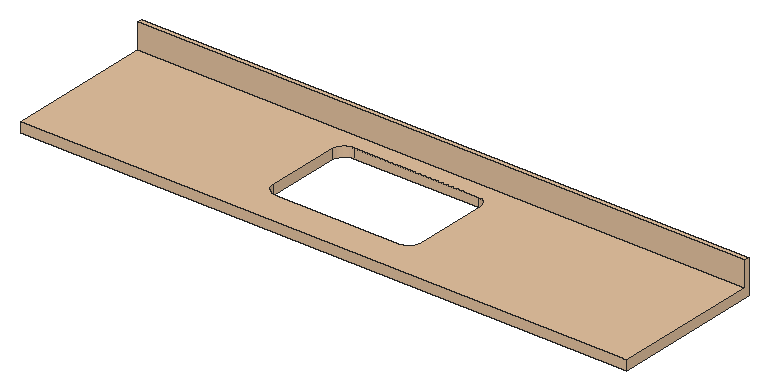
Revit family "M_有水槽孔的流理台面", category 櫥櫃, Revit 2014
Parameters (values of type "600mm 深")
  流理台厚度 = 40 mm
  流理台面材質 = none
  深度 = 625 mm
  高度 = 900 mm
  長度 [instance] = 2500 mm
  水槽位置 [instance] = 1200 mm
  水槽距牆的位置 [instance] = 100 mm
  水槽開口深度 [instance] = 378 mm
  水槽開口寬度 [instance] = 587 mm
Reference planes
  plane 1 "後": y = 0
  plane 2: z = 0
  plane 3 "左": x = -1200.462
  plane 4 "右": x = 1299.538
  plane 5 "前": y = -625
  plane 6 "頂部": z = 900
  plane 7 "櫥櫃頂部": z = 860
  plane 8: y = -19.05
  plane 9: z = 1001.6
  plane 10: x = -0.462
  plane 11: y = -100
  plane 12: x = 293.038
  plane 13: y = -478
  plane 14: x = -293.962
  plane 15: y = -87.3
  plane 16: x = 305.738
  plane 17: y = -490.7
  plane 18: x = -306.662
Forms (mm)
  Extrusion 1, solid, material <- "流理台面材質"
    sketch origin (0, 0, 0) x (1, 0, 0) y (0, 1, 0)
      loop
        line (-1200.462, 0) -> (-1200.462, -625) -> (1299.538, -625) -> (1299.538, 0) -> (-1200.462, 0)
    from 860 to 900
  Extrusion 2, solid, material <- "流理台面材質"
    sketch origin (0, 0, 0) x (1, 0, 0) y (0, 1, 0)
      loop
        line (1299.538, 0) -> (-1200.462, 0) -> (-1200.462, -19.05) -> (1299.538, -19.05) -> (1299.538, 0)
    from 900 to 1001.6
  Extrusion 3, void
    sketch origin (0, 0, 0) x (1, 0, 0) y (0, 1, 0)
      loop
        arc (-255.862, -87.3) -> (-291.783, -102.179) -> (-306.662, -138.1) r 50.8
        line (-306.662, -138.1) -> (-306.662, -439.9)
        arc (-306.662, -439.9) -> (-291.783, -475.821) -> (-255.862, -490.7) r 50.8
        line (-255.862, -490.7) -> (254.938, -490.7)
        arc (254.938, -490.7) -> (290.859, -475.821) -> (305.738, -439.9) r 50.8
        line (305.738, -439.9) -> (305.738, -138.1)
        arc (305.738, -138.1) -> (290.859, -102.179) -> (254.938, -87.3) r 50.8
        line (254.938, -87.3) -> (-255.862, -87.3)
    from 860 to 900
Cuts and joins
  Extrusion 3 cuts Extrusion 1
  Extrusion 3 cuts Extrusion 2
  joined: Extrusion 1, Extrusion 2
Lines and regions (mm)
  Masking region 1
    outline origin (0, 0, 860) x (0, -1, 0) y (1, 0, 0)
      loop
        line (0, -1200.462) -> (625, -1200.462) -> (625, 1299.538) -> (0, 1299.538) -> (0, -1200.462)
  symbolic lines, style "流理台面"
    curve 1: line (-1200.462, -19.05, 860) -> (1299.538, -19.05, 860)
  symbolic lines, style "水槽開口"
    curve 2: line (-243.162, -100, 860) -> (242.238, -100, 860)
    curve 3: line (-293.962, -427.2, 860) -> (-293.962, -150.8, 860)
    curve 4: line (242.238, -478, 860) -> (-243.162, -478, 860)
    curve 5: line (293.038, -150.8, 860) -> (293.038, -427.2, 860)
    curve 6: arc (-293.962, -150.8, 860) -> (-279.083, -114.879, 860) -> (-243.162, -100, 860) r 50.8
    curve 7: arc (242.238, -100, 860) -> (278.159, -114.879, 860) -> (293.038, -150.8, 860) r 50.8
    curve 8: arc (293.038, -427.2, 860) -> (278.159, -463.121, 860) -> (242.238, -478, 860) r 50.8
    curve 9: arc (-243.162, -478, 860) -> (-279.083, -463.121, 860) -> (-293.962, -427.2, 860) r 50.8
Dimensions and locks
  "深度": plane 5 "前" to plane 1 "後"
  "長度": plane 3 "左" to plane 4 "右"
  "高度": level to plane 6 "頂部"
  "流理台厚度": plane 7 "櫥櫃頂部" to plane 6 "頂部"
  locked: plane 8 to plane 1 "後" at 19.05
  plane 6 "頂部" to plane 9 = 101.6 mm
  "水槽開口寬度": plane 14 to plane 12
  "水槽開口深度": plane 13 to plane 11
  "水槽位置": plane 3 "左" to plane 10
  equal spacing: plane 14, plane 10, plane 12
  "水槽距牆的位置": plane 11 to plane 1 "後"
  locked: plane 11 to plane 15 at 12.7
  locked: plane 17 to plane 13 at 12.7
  locked: plane 18 to plane 14 at 12.7
  locked: plane 12 to plane 16 at 12.7
  aligned and locked: plane 1 "後" to Extrusion 1 sketch curve
  aligned and locked: plane 4 "右" to Extrusion 1 sketch curve
  aligned and locked: Extrusion 1 sketch curve to plane 5 "前"
  aligned and locked: Extrusion 1 sketch curve to plane 3 "左"
  aligned and locked: Extrusion 1 to plane 6 "頂部"
  aligned and locked: plane 7 "櫥櫃頂部" to Extrusion 1
  aligned and locked: Extrusion 2 sketch curve to plane 1 "後"
  aligned and locked: plane 8 to Extrusion 2 sketch curve
  aligned and locked: Extrusion 2 sketch curve to plane 4 "右"
  aligned and locked: plane 3 "左" to Extrusion 2 sketch curve
  aligned and locked: Extrusion 2 to plane 9
  aligned and locked: plane 6 "頂部" to Extrusion 2
  aligned and locked: Extrusion 3 to plane 6 "頂部"
  aligned and locked: Extrusion 1 to Extrusion 3
  aligned and locked: plane 15 to Extrusion 3 sketch curve
  aligned and locked: plane 16 to Extrusion 3 sketch curve
  aligned and locked: Extrusion 3 sketch curve to plane 17
  aligned and locked: Extrusion 3 sketch curve to plane 18
  aligned and locked: plane 1 "後" to Masking region 1 sketch curve
  aligned and locked: plane 4 "右" to Masking region 1 sketch curve
  aligned and locked: Masking region 1 sketch curve to plane 5 "前"
  aligned and locked: Masking region 1 sketch curve to plane 3 "左"
Automatic sketch dimensions
  Extrusion 3 sketch curve to plane 14 = 38.1 mm  (x2)
  plane 11 to Extrusion 3 sketch curve = 38.1 mm
  plane 12 to Extrusion 3 sketch curve = 38.1 mm
  curve 1 to plane 4 "右" = 0 mm
  curve 1 to plane 8 = 0 mm
  curve 1 to plane 3 "左" = 0 mm
  curve 7 to plane 11 = 0 mm
  curve 7 to plane 12 = 0 mm
  curve 6 to plane 14 = 0 mm
  curve 8 to plane 13 = 0 mm
  plane 11 to curve 7 = 50.8 mm
  curve 2 to curve 6 = 50.8 mm
  curve 5 to plane 13 = 50.8 mm
  curve 9 to plane 13 = 50.8 mm
